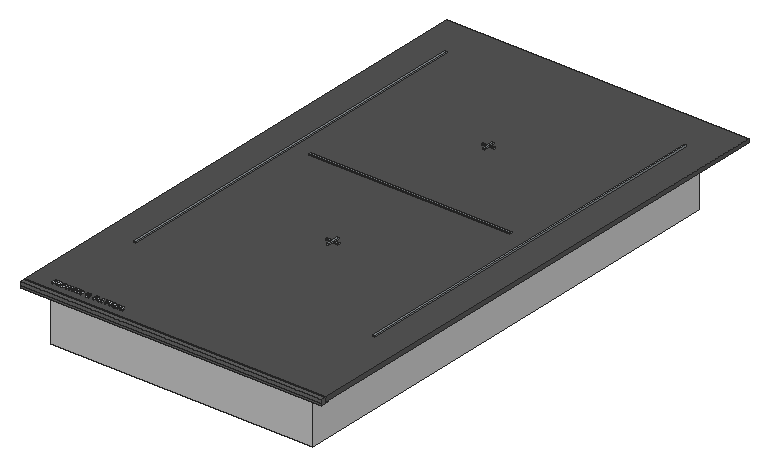
Revit family "FP_Revit_18_CI302DTB4_Cooktop_90000841A", category Specialty Equipment, Revit 2018
Family settings
  Round Connector Dimension = Use Diameter
  Part Type = Normal
  OmniClass Number = 23.40.40.14.17.11
  OmniClass Title = Cookers, Ovens, Stoves
  Work Plane-Based = No
  Always vertical = Yes
  Cut with Voids When Loaded = Yes
  Shared = No
  Room Calculation Point = No
Parameters
  Visibility - Clearance Required = yes
  URL = "www.fisherpaykel.com"
  Product - Width = 299 mm  # constant formula
  Product - Height = 54 mm  # constant formula
  Product - Depth = 530 mm  # constant formula
  Model = "CI302DTB4"
  Material - Trim = Fisher & Paykel - Aluminium, Dark
  Material - Graphics = Fisher & Paykel - Graphics Grey
  Material - Cooktop = Fisher & Paykel - Glass, Black
  Material - Body = Fisher & Paykel - Grey
  Manufacturer = "Fisher & Paykel Appliances"
  FFL Offset [instance] = 900 mm
  Description = "30cm Induction Cooktop"
  Connector Note - Electrical = "220-240 V, 16 A, 50 Hz,"
  Clearance - Side Combustible = 30 mm  # constant formula
  Clearance - Rear Combustible = 30 mm  # constant formula
  Clearance - Overhead Rangehood = 650 mm  # constant formula
  Clearance - Below = 65 mm  # constant formula
  Chassis - Width = 260 mm  # constant formula
  Chassis - Height = 49 mm  # constant formula
  Chassis - Depth = 480 mm  # constant formula
  Cavity - Width = 265 mm  # constant formula
  Cavity - Height = 65 mm  # constant formula
  Cavity - Depth = 490 mm  # constant formula
Reference planes
  plane 1 "Datum": y = 0
  plane 2: z = 0
  plane 3 "Center (Left/Right)": x = 0
  plane 4 "Product LHS": x = -149.5
  plane 5 "Product RHS": x = 149.5
  plane 6 "Product - Depth": y = 530
  plane 7 "Cavity LHS": x = -132.5
  plane 8 "Cavity RHS": x = 132.5
  plane 9 "Cavity - Depth": y = 497.2
  plane 10 "Chassis Front": y = 13.2
  plane 11 "Chassis - Depth": y = 493.2
  plane 12 "Cavity - Front": y = 7.2
  plane 13 "Basepan": z = 851
  plane 14 "Benchtop": z = 900
  plane 15 "Glass": z = 905
Forms (mm)
  Extrusion 1, solid, material "Fisher & Paykel - Glass, Black" <- "Material - Cooktop"
    sketch origin (0, 0, 0) x (0, 1, 0) y (0, 0, 1)
      loop
        line (5.299, 905) -> (5.299, 901) -> (530, 901) -> (530, 905) -> (5.299, 905)
    from -149.5 to 149.5
  Extrusion 2, solid, material "Fisher & Paykel - Aluminium, Dark" <- "Material - Trim", detail levels fine
    sketch origin (0, 0, 0) x (0, 1, 0) y (0, 0, 1)
      loop
        line (5.299, 905) -> (0.45, 905) -> (0, 901.5) -> (0, 900) -> (8.39, 900) -> (8.39, 901) -> (5.299, 901) -> (5.299, 905)
    from -149.5 to 149.5
  Extrusion 3, solid, material "Fisher & Paykel - Clearance Required (Cutout)", visible <- "Visibility - Clearance Required", detail levels coarse
    sketch origin (0, 24.768, 0) x (1, 0, 0) y (0, 1, 0)
      loop
        line (-132.5, 472.432) -> (-132.5, -17.568) -> (132.5, -17.568) -> (132.5, 472.432) -> (-132.5, 472.432)
    from 835 to 900
  Extrusion 4, solid, material "Fisher & Paykel - Aluminium, Dark" <- "Material - Trim", detail levels coarse+medium
    sketch origin (0, 0, 0) x (0, 1, 0) y (0, 0, 1)
      loop
        line (5.299, 905) -> (0, 905) -> (0, 900) -> (5.299, 900) -> (5.299, 905)
    from -149.5 to 149.5
  Extrusion 5, solid, material "Fisher & Paykel - Clearance Required (Rangehood)", visible <- "Visibility - Clearance Required", detail levels coarse
    sketch origin (0, 0, 0) x (1, 0, 0) y (0, 1, 0)
      loop
        line (-162.5, 0) -> (162.5, 0) -> (162.5, 527.2) -> (-162.5, 527.2) -> (-162.5, 0)
    from 905 to 1555
  Extrusion 6, solid, material "Fisher & Paykel - Grey" <- "Material - Body"
    sketch origin (0, 0, 0) x (0, 1, 0) y (0, 0, 1)
      loop
        line (493.2, 851) -> (493.2, 900) -> (13.2, 900) -> (13.2, 851) -> (493.2, 851)
    from -130 to 130
  Extrusion 7, solid, material "Fisher & Paykel - Grey" <- "Material - Body"
    sketch origin (-151, 0, 0) x (1, 0, 0) y (0, 1, 0)
      loop
        line (15.5, 520.2) -> (15.5, 8.39) -> (286.5, 8.39) -> (286.5, 520.2) -> (15.5, 520.2)
    from 900 to 901
  Extrusion 8, solid, material "Fisher & Paykel - Graphics Grey" <- "Material - Graphics", detail levels fine
    sketch origin (0, 0, 0) x (1, 0, 0) y (0, 1, 0)
      loop
        line (-119.982, 489.688) -> (-119.982, 103.77) -> (-117.782, 103.77) -> (-117.782, 489.688) -> (-119.982, 489.688)
      loop
        line (117.568, 103.77) -> (119.768, 103.77) -> (119.768, 489.908) -> (117.568, 489.908) -> (117.568, 103.77)
      loop
        line (-100, 298.273) -> (-100, 296.073) -> (100, 296.073) -> (100, 298.273) -> (-100, 298.273)
      loop
        line (1.001, 400.223) -> (-0.967, 400.223) -> (-0.967, 395.057) -> (-6.133, 395.057) -> (-6.133, 393.089) -> (-0.967, 393.089) -> (-0.967, 387.923) -> (1.001, 387.923) -> (1.001, 393.089) -> (6.167, 393.089) -> (6.167, 395.057) -> (1.001, 395.057) -> (1.001, 400.223)
      loop
        line (1.001, 207.02) -> (-0.967, 207.02) -> (-0.967, 201.854) -> (-6.133, 201.854) -> (-6.133, 199.886) -> (-0.967, 199.886) -> (-0.967, 194.72) -> (1.001, 194.72) -> (1.001, 199.886) -> (6.167, 199.886) -> (6.167, 201.854) -> (1.001, 201.854) -> (1.001, 207.02)
    from 905 to 906
  Extrusion 9, solid, material "Fisher & Paykel - Grey" <- "Material - Body", detail levels fine
    sketch origin (0, 0, 0) x (1, 0, 0) y (0, 1, 0)
      loop
        circle (0, 473.2) r 5
    from 845 to 851
  Extrusion 10, void
    sketch origin (0, 24.768, 0) x (1, 0, 0) y (0, 1, 0)
      loop
        line (-132.5, 472.432) -> (-132.5, -17.568) -> (132.5, -17.568) -> (132.5, 472.432) -> (-132.5, 472.432)
    from 835 to 900
Text (mm)
  text "Due to ongoing product development, product details are subject to change without notice. \nPlease always refer to www.fisherpaykel.com for the most current product information. \n© Fisher & Paykel 2020" at (41.04, -102.478, 0), in view "Ref. Level (Plan)"
Dimensions and locks
  equal spacing: plane 4 "Product LHS", plane 3 "Center (Left/Right)", plane 5 "Product RHS"
  "Product - Width": plane 4 "Product LHS" to plane 5 "Product RHS"
  equal spacing: plane 7 "Cavity LHS", plane 3 "Center (Left/Right)", plane 8 "Cavity RHS"
  "Cavity - Width": plane 7 "Cavity LHS" to plane 8 "Cavity RHS"
  "Product - Depth": Extrusion 1 to plane 1 "Datum"
  equal spacing: Extrusion 6, plane 3 "Center (Left/Right)", Extrusion 6
  "Chassis - Width": Extrusion 6 to Extrusion 6
  equal spacing: Extrusion 7, plane 3 "Center (Left/Right)", Extrusion 7
  locked: plane 1 "Datum" to plane 10 "Chassis Front" at 13.2
  plane 10 "Chassis Front" to plane 12 "Cavity - Front" = 6 mm
  "Cavity - Depth": plane 9 "Cavity - Depth" to plane 12 "Cavity - Front"
  "Chassis - Depth": plane 11 "Chassis - Depth" to plane 10 "Chassis Front"
  "FFL Offset": plane 14 "Benchtop" to level
  locked: plane 15 "Glass" to plane 14 "Benchtop" at 5
  "Chassis - Height": plane 14 "Benchtop" to plane 13 "Basepan"
  locked: Extrusion 8 to plane 15 "Glass" at 1
  "Chassis - Height": Extrusion 6 to plane 14 "Benchtop"
  "Clearance - Below": Extrusion 3 to plane 14 "Benchtop"
  locked: nested 1 to plane 15 "Glass" at 0.8
  "Clearance - Overhead Rangehood": Extrusion 5 to plane 15 "Glass"
  locked: Extrusion 1 to plane 14 "Benchtop" at 1
  "Clearance - Side Combustible": Extrusion 5 to plane 7 "Cavity LHS"
  "Clearance - Side Combustible": plane 8 "Cavity RHS" to Extrusion 5
  "Clearance - Rear Combustible": Extrusion 5 to plane 9 "Cavity - Depth"
  locked: Extrusion 9 to plane 14 "Benchtop" at 55
  aligned and locked: level to plane 2
  aligned and locked: Extrusion 2 to plane 5 "Product RHS"
  aligned and locked: plane 4 "Product LHS" to Extrusion 4
  aligned and locked: Extrusion 4 to plane 5 "Product RHS"
  aligned and locked: plane 9 "Cavity - Depth" to Extrusion 3
  aligned and locked: plane 4 "Product LHS" to Extrusion 2
  aligned and locked: plane 11 "Chassis - Depth" to Extrusion 6
  aligned and locked: Extrusion 6 to Extrusion 7
  aligned and locked: Extrusion 9 to Extrusion 6
  aligned and locked: plane 15 "Glass" to Extrusion 1
  aligned and locked: Extrusion 5 to Extrusion 1
  aligned and locked: Extrusion 8 to Extrusion 1
  aligned and locked: Extrusion 7 to plane 14 "Benchtop"
  aligned and locked: Extrusion 7 to Extrusion 1
  aligned and locked: Extrusion 3 to Extrusion 6
  aligned and locked: plane 15 "Glass" to Extrusion 2 sketch curve
  aligned and locked: Extrusion 2 sketch curve to Extrusion 1
  aligned and locked: Extrusion 2 sketch curve to plane 14 "Benchtop"
  aligned and locked: Extrusion 1 to Extrusion 4
  aligned and locked: Extrusion 4 to Extrusion 2
  aligned and locked: Extrusion 10 to Extrusion 3  (x2)
Automatic sketch dimensions
  Extrusion 1 sketch curve to plane 15 "Glass" = 0 mm
  Extrusion 1 sketch curve to plane 6 "Product - Depth" = 0 mm
  Extrusion 1 sketch curve to plane 12 "Cavity - Front" = 1.901 mm
  plane 14 "Benchtop" to Extrusion 1 sketch curve = 1 mm
  Extrusion 2 sketch curve to plane 1 "Datum" = 0 mm
  Extrusion 2 sketch curve to plane 1 "Datum" = 0.45 mm
  Extrusion 2 sketch curve to plane 12 "Cavity - Front" = 1.901 mm
  plane 12 "Cavity - Front" to Extrusion 2 sketch curve = 1.189 mm
  plane 14 "Benchtop" to Extrusion 2 sketch curve = 1.5 mm
  Extrusion 3 sketch curve to plane 12 "Cavity - Front" = 0 mm
  plane 9 "Cavity - Depth" to Extrusion 3 sketch curve = 0 mm
  plane 7 "Cavity LHS" to Extrusion 3 sketch curve = 0 mm
  Extrusion 3 sketch curve to plane 8 "Cavity RHS" = 0 mm
  Extrusion 4 sketch curve to plane 1 "Datum" = 0 mm
  Extrusion 4 sketch curve to plane 14 "Benchtop" = 0 mm
  Extrusion 4 sketch curve to plane 15 "Glass" = 0 mm
  Extrusion 4 sketch curve to plane 12 "Cavity - Front" = 1.901 mm
  plane 1 "Datum" to Extrusion 5 sketch curve = 0 mm
  Extrusion 5 sketch curve to plane 6 "Product - Depth" = 2.8 mm
  plane 4 "Product LHS" to Extrusion 5 sketch curve = 13 mm
  Extrusion 5 sketch curve to plane 5 "Product RHS" = 13 mm
  Extrusion 6 sketch curve to plane 10 "Chassis Front" = 0 mm
  Extrusion 6 sketch curve to plane 11 "Chassis - Depth" = 0 mm
  Extrusion 6 sketch curve to plane 13 "Basepan" = 0 mm
  Extrusion 6 sketch curve to plane 14 "Benchtop" = 0 mm
  plane 12 "Cavity - Front" to Extrusion 7 sketch curve = 1.189 mm
  plane 7 "Cavity LHS" to Extrusion 7 sketch curve = 3 mm
  Extrusion 7 sketch curve to plane 8 "Cavity RHS" = 3 mm
  Extrusion 7 sketch curve to plane 6 "Product - Depth" = 9.8 mm
  Extrusion 8 sketch curve to plane 7 "Cavity LHS" = 12.518 mm
  Extrusion 8 sketch curve to Extrusion 8 sketch curve = 2.2 mm  (x3)
  Extrusion 8 sketch curve to plane 7 "Cavity LHS" = 32.5 mm
  Extrusion 8 sketch curve to plane 3 "Center (Left/Right)" = 6.133 mm  (x2)
  Extrusion 8 sketch curve to plane 3 "Center (Left/Right)" = 0.967 mm  (x4)
  plane 3 "Center (Left/Right)" to Extrusion 8 sketch curve = 1.001 mm  (x4)
  Extrusion 8 sketch curve to Extrusion 8 sketch curve = 5.166 mm  (x6)
  plane 8 "Cavity RHS" to Extrusion 8 sketch curve = 32.5 mm
  Extrusion 8 sketch curve to plane 11 "Chassis - Depth" = 3.292 mm
  plane 8 "Cavity RHS" to Extrusion 8 sketch curve = 14.932 mm
  Extrusion 8 sketch curve to plane 11 "Chassis - Depth" = 3.512 mm
  Extrusion 8 sketch curve to plane 11 "Chassis - Depth" = 92.977 mm
  Extrusion 8 sketch curve to Extrusion 8 sketch curve = 0 mm  (x2)
  Extrusion 8 sketch curve to Extrusion 8 sketch curve = 1.968 mm  (x4)
  Extrusion 8 sketch curve to Extrusion 8 sketch curve = 94.816 mm
  Extrusion 8 sketch curve to Extrusion 8 sketch curve = 89.053 mm
  plane 10 "Chassis Front" to Extrusion 8 sketch curve = 90.57 mm  (x2)
  Extrusion 9 sketch curve to plane 3 "Center (Left/Right)" = 0 mm
  Extrusion 9 sketch curve to plane 11 "Chassis - Depth" = 20 mm
  Extrusion 10 sketch curve to plane 12 "Cavity - Front" = 0 mm
  plane 9 "Cavity - Depth" to Extrusion 10 sketch curve = 0 mm
  plane 7 "Cavity LHS" to Extrusion 10 sketch curve = 0 mm
  Extrusion 10 sketch curve to plane 8 "Cavity RHS" = 0 mm
  radius of Extrusion 9 sketch curve = 5 mm
Nested families
  nested 1: "F&P Logo 70mm Horizontal" at (-94.001, 14.253, 905), type "F&P Logo 70mm Horizontal"
Connectors
  electrical at (0, 473.2, 845), driven by "Connector Note - Electrical"
    settings: on Extrusion 9, index 1, voltage 230 V, apparent load 0 VA, apparent load phase1 0 VA, apparent load phase2 0 VA, apparent load phase3 0 VA, power factor 1, load classification "Other", number of poles 1, system type 30, power factor state 1, is connector primary yes, connector utility no, sub classification motor no, connector description "220-240 V, 16 A, 50 Hz,"
Definition of nested family "F&P Logo 70mm Horizontal"
  Parameters (values of type "F&P Logo 70mm Horizontal")
    URL = "www.fisherpaykel.com"
    Material - Logo = none
    Manufacturer = "Fisher & Paykel Appliances"
  Reference planes
    plane 1 "Center (Front/Back)": y = 0
    plane 2: z = 0
    plane 3 "Center (Left/Right)": x = 0
  Forms (mm)
    Extrusion 1, solid, material <- "Material - Logo", detail levels fine
      sketch origin (0, 0, 0) x (1, 0, 0) y (0, 1, 0)
        loop
          line (-34.997, -0.356) -> (-33.895, -0.356) -> (-33.895, 1.141) -> (-32.174, 1.141) -> (-32.174, 2.075) -> (-33.895, 2.075) -> (-33.895, 2.943) -> (-32.023, 2.943) -> (-32.023, 3.872) -> (-34.997, 3.872) -> (-34.997, -0.356)
        loop
          line (-29.929, 3.872) -> (-29.929, -0.356) -> (-28.828, -0.356) -> (-28.828, 3.872) -> (-29.929, 3.872)
        loop
          line (-21.473, 3.872) -> (-21.473, -0.356) -> (-20.372, -0.356) -> (-20.372, 1.338) -> (-18.754, 1.338) -> (-18.754, -0.356) -> (-17.652, -0.356) -> (-17.652, 3.872) -> (-18.754, 3.872) -> (-18.754, 2.268) -> (-20.372, 2.268) -> (-20.372, 3.872) -> (-21.473, 3.872)
        loop
          line (-15.301, 3.872) -> (-15.301, -0.356) -> (-12.288, -0.356) -> (-12.288, 0.444) -> (-14.209, 0.444) -> (-14.209, 1.338) -> (-12.453, 1.338) -> (-12.453, 2.268) -> (-14.209, 2.268) -> (-14.209, 3.072) -> (-12.288, 3.072) -> (-12.288, 3.872) -> (-15.301, 3.872)
        loop
          line (32, 3.872) -> (32, -0.356) -> (35.003, -0.356) -> (35.003, 0.574) -> (33.102, 0.574) -> (33.102, 3.872) -> (32, 3.872)
        loop
          line (29.735, 3.872) -> (26.712, 3.872) -> (26.712, -0.356) -> (29.735, -0.356) -> (29.735, 0.444) -> (27.814, 0.444) -> (27.814, 1.338) -> (29.57, 1.338) -> (29.57, 2.268) -> (27.814, 2.268) -> (27.814, 3.072) -> (29.735, 3.072) -> (29.735, 3.872)
        loop
          line (23.449, 1.848) -> (25.012, 3.872) -> (23.724, 3.872) -> (22.374, 2.124) -> (22.374, 3.872) -> (21.273, 3.872) -> (21.273, -0.356) -> (22.374, -0.356) -> (22.374, 1.538) -> (23.765, -0.356) -> (25.067, -0.356) -> (23.449, 1.848)
        loop
          line (15.42, 3.872) -> (17.017, 1.338) -> (17.017, -0.356) -> (18.119, -0.356) -> (18.119, 1.283) -> (19.717, 3.872) -> (18.546, 3.872) -> (17.603, 2.239) -> (16.66, 3.872) -> (15.42, 3.872)
        loop
          line (12.969, 3.872) -> (11.922, 3.872) -> (10.2, -0.356) -> (11.282, -0.356) -> (11.585, 0.422) -> (13.278, 0.422) -> (13.581, -0.356) -> (14.69, -0.356) -> (12.969, 3.872)
        loop
          line (12.913, 1.352) -> (12.419, 2.566) -> (11.946, 1.352) -> (12.913, 1.352)
        loop
          line (5.556, 3.872) -> (5.556, -0.356) -> (6.653, -0.356) -> (6.653, 1.001) -> (7.453, 1.001)
          spline (7.453, 1.001) -> (7.884, 1.05) -> (8.285, 1.193) -> (8.63, 1.421) -> (8.895, 1.719) -> (9.061, 2.065) -> (9.118, 2.436) -> (9.061, 2.808) -> (8.895, 3.154) -> (8.63, 3.452) -> (8.285, 3.68) -> (7.884, 3.823) -> (7.453, 3.872)
          line (7.453, 3.872) -> (5.556, 3.872)
        loop
          spline (7.385, 1.882) -> (7.558, 1.9) -> (7.72, 1.953) -> (7.858, 2.037) -> (7.965, 2.147) -> (8.032, 2.275) -> (8.055, 2.412) -> (8.032, 2.55) -> (7.965, 2.677) -> (7.858, 2.787) -> (7.72, 2.872) -> (7.558, 2.924) -> (7.385, 2.943)
          line (7.385, 2.943) -> (6.585, 2.943) -> (6.585, 1.882) -> (7.385, 1.882)
        loop
          line (-8.294, 2.943) -> (-9.094, 2.943) -> (-9.094, 1.781) -> (-8.294, 1.781)
          spline (-8.294, 1.781) -> (-8.121, 1.801) -> (-7.96, 1.859) -> (-7.822, 1.951) -> (-7.716, 2.072) -> (-7.649, 2.212) -> (-7.626, 2.362) -> (-7.649, 2.512) -> (-7.716, 2.652) -> (-7.822, 2.772) -> (-7.96, 2.865) -> (-8.121, 2.923) -> (-8.294, 2.943)
        loop
          line (-8.214, 3.872) -> (-10.262, 3.872) -> (-10.262, -0.356) -> (-9.094, -0.356) -> (-9.094, 0.492) -> (-8.294, 0.492) -> (-7.647, -0.356) -> (-6.373, -0.356) -> (-7.445, 1.016)
          spline (-7.445, 1.016) -> (-7.148, 1.205) -> (-6.902, 1.45) -> (-6.72, 1.739) -> (-6.611, 2.058) -> (-6.58, 2.391) -> (-6.628, 2.723) -> (-6.754, 3.037) -> (-6.95, 3.317) -> (-7.208, 3.551) -> (-7.515, 3.726) -> (-7.856, 3.835) -> (-8.214, 3.872)
        loop
          line (0.368, 2.943) -> (0.368, 3.951) -> (-2.559, 3.951) -> (-2.559, 3.151) -> (-2.048, 2.522)
          spline (-2.048, 2.522) -> (-2.373, 2.187) -> (-2.606, 1.789) -> (-2.731, 1.355) -> (-2.74, 0.914) -> (-2.632, 0.497) -> (-2.414, 0.133) -> (-2.102, -0.155) -> (-1.716, -0.347) -> (-1.283, -0.429) -> (-0.832, -0.395) -> (-0.395, -0.249) -> (0, 0)
          line (0, 0) -> (0.504, -0.621) -> (1.644, -0.621) -> (0.602, 0.712) -> (1.591, 2.137) -> (0.459, 2.137) -> (0.003, 1.48) -> (-1.14, 2.943) -> (0.368, 2.943)
        loop
          spline (-1.353, 1.874) -> (-1.563, 1.673) -> (-1.729, 1.449) -> (-1.839, 1.217) -> (-1.886, 0.992) -> (-1.867, 0.792) -> (-1.783, 0.627) -> (-1.639, 0.511) -> (-1.447, 0.451) -> (-1.218, 0.451) -> (-0.968, 0.512) -> (-0.714, 0.628) -> (-0.475, 0.792)
          line (-0.475, 0.792) -> (-1.353, 1.874)
        loop
          arc (-25.449, 3.004) -> (-24.591, 2.949) -> (-23.808, 2.592) r 2.379
          line (-23.808, 2.592) -> (-23.808, 3.586)
          arc (-23.808, 3.586) -> (-24.619, 3.915) -> (-25.494, 3.936) r 2.437
          arc (-25.494, 3.936) -> (-26.617, 2.99) -> (-26.18, 1.588) r 1.327
          arc (-26.18, 1.588) -> (-25.746, 1.367) -> (-25.276, 1.236) r 2.46
          spline (-25.276, 1.236) -> (-25.124, 1.211) -> (-24.98, 1.158) -> (-24.856, 1.083) -> (-24.761, 0.989) -> (-24.703, 0.886) -> (-24.686, 0.78) -> (-24.713, 0.681) -> (-24.78, 0.596) -> (-24.882, 0.532) -> (-25.011, 0.494) -> (-25.158, 0.485) -> (-25.311, 0.505)
          arc (-25.311, 0.505) -> (-26.045, 0.647) -> (-26.714, 0.98) r 2.761
          line (-26.714, 0.98) -> (-26.714, -0.067)
          arc (-26.714, -0.067) -> (-25.66, -0.377) -> (-24.564, -0.318) r 3.237
          arc (-24.564, -0.318) -> (-23.597, 0.72) -> (-24.205, 2.002) r 1.263
          arc (-24.205, 2.002) -> (-24.834, 2.249) -> (-25.488, 2.42) r 5.78
          spline (-25.488, 2.42) -> (-25.537, 2.449) -> (-25.58, 2.49) -> (-25.615, 2.541) -> (-25.639, 2.6) -> (-25.653, 2.664) -> (-25.654, 2.73) -> (-25.644, 2.795) -> (-25.622, 2.856) -> (-25.59, 2.909) -> (-25.549, 2.953) -> (-25.502, 2.985) -> (-25.449, 3.004)
      from 0 to 0.8
  Dimensions and locks
    Extrusion 1 sketch curve to Extrusion 1 sketch curve = 70 mm
    aligned and locked: level to plane 2
